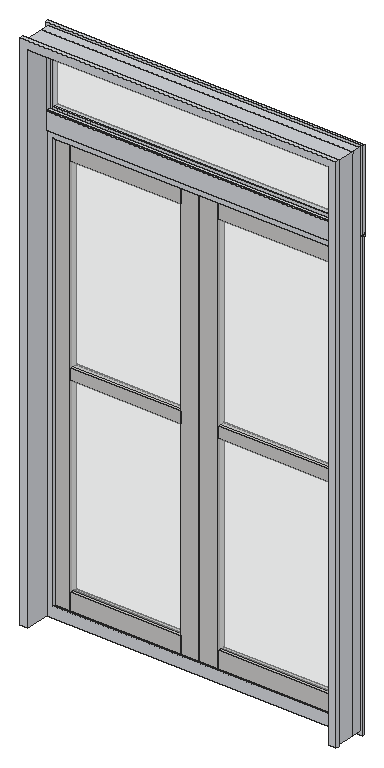
Revit family "APL Residential Thermal Heart French Door with Overlight Open Out", category Doors, host Wall, Revit 2017 (continued)
Definition of nested family "APL Residential Thermal Heart French Door with Overlight Open Out Horizontal Section"
  Definition of nested family "Open Out Jamb&Hinge"
    Definition of nested family "65310_Open Out Frame"
      Lines and regions (mm)
        model lines, in view "Ref. Level"
          curve 172: arc (1.1, 22.9, 0) -> (1.041, 23.041, 0) -> (0.9, 23.1, 0) r 0.2
          curve 173: arc (26.317, 25.5, 0) -> (26.622, 25.301, 0) -> (26.895, 25.543, 0) r 0.3
          curve 174: arc (26.895, 25.543, 0) -> (26.961, 25.681, 0) -> (27.087, 25.768, 0) r 0.3
          curve 175: arc (28.497, 26.282, 0) -> (28.783, 26.238, 0) -> (28.899, 25.974, 0) r 0.3
          curve 176: arc (28.692, 23.608, 0) -> (28.665, 23.508, 0) -> (28.605, 23.422, 0) r 0.3
          curve 177: arc (28.241, 23.059, 0) -> (28.048, 23.007, 0) -> (27.907, 23.148, 0) r 0.2
          curve 178: arc (27.862, 23.316, 0) -> (27.81, 23.405, 0) -> (27.721, 23.457, 0) r 0.2
          curve 179: arc (25.5, 24, 0) -> (25.22, 23.807, 0) -> (25.3, 23.476, 0) r 0.3
          curve 180: arc (25.3, 23.476, 0) -> (25.374, 23.375, 0) -> (25.4, 23.253, 0) r 0.3
          curve 181: arc (25.206, 19.25, 0) -> (25.242, 19.078, 0) -> (25.4, 19, 0) r 0.2
          curve 182: arc (25.921, 19, 0) -> (26.002, 19.011, 0) -> (26.077, 19.044, 0) r 0.3
          curve 183: arc (27.331, 19.809, 0) -> (27.328, 19.979, 0) -> (27.434, 20.111, 0) r 0.25
          curve 184: arc (27.52, 20.163, 0) -> (27.75, 20.179, 0) -> (27.895, 20, 0) r 0.25
          curve 185: arc (28.145, 20, 0) -> (28.286, 19.941, 0) -> (28.345, 19.8, 0) r 0.2
          curve 186: arc (28.345, 18.984, 0) -> (28.298, 18.772, 0) -> (28.165, 18.6, 0) r 0.5
          curve 187: arc (25.58, 16.446, 0) -> (25.447, 16.274, 0) -> (25.4, 16.062, 0) r 0.5
          curve 188: arc (25.4, 12.438, 0) -> (25.447, 12.226, 0) -> (25.58, 12.054, 0) r 0.5
          curve 189: arc (28.165, 9.9, 0) -> (28.298, 9.728, 0) -> (28.345, 9.516, 0) r 0.5
          curve 190: arc (28.345, 8.7, 0) -> (28.286, 8.559, 0) -> (28.145, 8.5, 0) r 0.2
          curve 191: arc (27.895, 8.5, 0) -> (27.75, 8.321, 0) -> (27.52, 8.337, 0) r 0.25
          curve 192: arc (27.434, 8.389, 0) -> (27.328, 8.521, 0) -> (27.331, 8.691, 0) r 0.25
          curve 193: arc (26.078, 9.456, 0) -> (26.002, 9.489, 0) -> (25.921, 9.5, 0) r 0.3
          curve 194: arc (25.4, 9.5, 0) -> (25.242, 9.422, 0) -> (25.206, 9.25, 0) r 0.2
          curve 195: arc (25.4, 5.247, 0) -> (25.374, 5.125, 0) -> (25.3, 5.024, 0) r 0.3
          curve 196: arc (25.3, 5.024, 0) -> (25.22, 4.693, 0) -> (25.5, 4.5, 0) r 0.3
          curve 197: arc (27.721, 5.043, 0) -> (27.81, 5.095, 0) -> (27.862, 5.184, 0) r 0.2
          curve 198: arc (27.907, 5.352, 0) -> (28.048, 5.493, 0) -> (28.241, 5.441, 0) r 0.2
          curve 199: arc (28.605, 5.078, 0) -> (28.665, 4.992, 0) -> (28.692, 4.892, 0) r 0.3
          curve 200: arc (28.899, 2.526, 0) -> (28.783, 2.262, 0) -> (28.497, 2.218, 0) r 0.3
          curve 201: arc (27.087, 2.732, 0) -> (26.961, 2.819, 0) -> (26.895, 2.957, 0) r 0.3
          curve 202: arc (26.895, 2.957, 0) -> (26.622, 3.199, 0) -> (26.317, 3, 0) r 0.3
          curve 203: arc (24, 3, 0) -> (23.704, 3.097, 0) -> (23.523, 3.35, 0) r 0.5
          curve 204: arc (23.523, 3.35, 0) -> (23.342, 3.603, 0) -> (23.046, 3.7, 0) r 0.5
          curve 205: arc (0.5, 3.7, 0) -> (0.146, 3.554, 0) -> (0, 3.2, 0) r 0.5
          curve 206: arc (0, -1.801, 0) -> (-0.107, -2.336, 0) -> (-0.41, -2.791, 0) r 1.4
          curve 207: arc (-5.407, -7.787, 0) -> (-5.624, -8.112, 0) -> (-5.7, -8.495, 0) r 1
          curve 208: arc (-5.7, -14.159, 0) -> (-5.623, -14.316, 0) -> (-5.452, -14.353, 0) r 0.2
          curve 209: arc (-5.452, -14.353, 0) -> (-4.643, -14.677, 0) -> (-4.687, -15.548, 0) r 0.75
          curve 210: arc (-4.687, -15.548, 0) -> (-5.025, -16.505, 0) -> (-4.687, -17.462, 0) r 1.525
          curve 211: arc (-4.687, -17.462, 0) -> (-4.594, -17.613, 0) -> (-4.539, -17.781, 0) r 0.75
          curve 212: arc (-4.539, -17.781, 0) -> (-4.442, -17.992, 0) -> (-4.26, -18.136, 0) r 0.5
          curve 213: arc (-4.26, -18.136, 0) -> (-3.5, -18.305, 0) -> (-2.74, -18.137, 0) r 1.8
          curve 214: arc (-2.74, -18.137, 0) -> (-2.558, -17.992, 0) -> (-2.461, -17.78, 0) r 0.5
          curve 215: arc (-2.461, -17.78, 0) -> (-2.406, -17.612, 0) -> (-2.312, -17.461, 0) r 0.737
          curve 216: arc (-2.312, -17.461, 0) -> (-1.975, -16.505, 0) -> (-2.312, -15.549, 0) r 1.525
          curve 217: arc (-2.312, -15.549, 0) -> (-2.2, -14.512, 0) -> (-1.163, -14.624, 0) r 0.737
          curve 218: arc (-1.163, -14.624, 0) -> (-0.507, -16.296, 0) -> (-0.924, -18.044, 0) r 3
          curve 219: arc (-0.924, -18.044, 0) -> (-0.93, -18.547, 0) -> (-0.495, -18.8, 0) r 0.5
          curve 220: arc (-0.2, -18.8, 0) -> (-0.059, -18.859, 0) -> (0, -19, 0) r 0.2
          curve 221: arc (0, -19.8, 0) -> (-0.059, -19.941, 0) -> (-0.2, -20, 0) r 0.2
          curve 222: arc (-6, -20, 0) -> (-6.707, -19.707, 0) -> (-7, -19, 0) r 1
          curve 223: arc (-7, -10.063, 0) -> (-7.281, -8.795, 0) -> (-8.072, -7.765, 0) r 3
          curve 224: arc (-14.428, -2.431, 0) -> (-15.219, -1.401, 0) -> (-15.5, -0.133, 0) r 3
          curve 225: arc (-15.5, 33, 0) -> (-15.207, 33.707, 0) -> (-14.5, 34, 0) r 1
          curve 226: arc (-12.1, 34, 0) -> (-11.393, 33.707, 0) -> (-11.1, 33, 0) r 1
          curve 227: arc (-11.1, 32.9, 0) -> (-11.188, 32.688, 0) -> (-11.4, 32.6, 0) r 0.3
          curve 228: arc (-12.1, 29.3, 0) -> (-11.738, 29.252, 0) -> (-11.4, 29.112, 0) r 1.4
          curve 229: arc (-5.375, 25.634, 0) -> (-5.134, 25.534, 0) -> (-4.875, 25.5, 0) r 1
          curve 230: line (0.9, 23.1, 0) -> (-4.1, 23.1, 0)
          curve 231: line (-4.3, 23.3, 0) -> (-4.3, 23.9, 0)
          curve 232: line (-4.5, 24.1, 0) -> (-4.875, 24.1, 0)
          curve 233: line (-6.075, 24.422, 0) -> (-12.054, 27.873, 0)
          curve 234: line (-12.054, 27.873, 0) -> (-13.9, 27.9, 0)
          curve 235: line (-14.1, 27.7, 0) -> (-14.1, -0.131, 0)
          curve 236: line (-13.528, -1.359, 0) -> (-7.044, -6.8, 0)
          curve 237: line (-6.369, -6.77, 0) -> (-1.693, -2.094, 0)
          curve 238: line (-1.4, -1.386, 0) -> (-1.4, 3.2, 0)
          curve 239: line (0.5, 5.1, 0) -> (23.3, 5.1, 0)
          curve 240: line (23.5, 5.3, 0) -> (23.5, 16.1, 0)
          curve 241: line (23.3, 16.3, 0) -> (18.3, 16.3, 0)
          curve 242: line (18.1, 16.5, 0) -> (18.1, 17.7, 0)
          curve 243: line (18.3, 17.9, 0) -> (23.3, 17.9, 0)
          curve 244: line (23.5, 18.1, 0) -> (23.5, 23.9, 0)
          curve 245: line (23.3, 24.1, 0) -> (16.301, 24.1, 0)
          curve 246: line (16.1, 23.9, 0) -> (16.1, 23.3, 0)
          curve 247: line (15.9, 23.1, 0) -> (11.3, 23.1, 0)
          curve 248: line (11.1, 23.3, 0) -> (11.1, 23.9, 0)
          curve 249: line (10.9, 24.1, 0) -> (2.7, 24.1, 0)
          curve 250: line (2.5, 23.9, 0) -> (2.5, 16.5, 0)
          curve 251: line (2.3, 16.3, 0) -> (1.3, 16.3, 0)
          curve 252: line (1.1, 16.5, 0) -> (1.1, 22.9, 0)
          curve 253: line (27.087, 25.768, 0) -> (28.497, 26.282, 0)
          curve 254: line (28.899, 25.974, 0) -> (28.692, 23.608, 0)
          curve 255: line (28.605, 23.422, 0) -> (28.241, 23.059, 0)
          curve 256: line (27.907, 23.148, 0) -> (27.862, 23.316, 0)
          curve 257: line (27.862, 23.316, 0) -> (25.732, 23.99, 0)
          curve 258: line (25.732, 23.99, 0) -> (25.5, 24, 0)
          curve 259: line (25.4, 23.253, 0) -> (25.4, 20.025, 0)
          curve 260: line (25.4, 20.025, 0) -> (25.206, 19.25, 0)
          curve 261: line (25.4, 19, 0) -> (25.921, 19, 0)
          curve 262: line (25.921, 19, 0) -> (27.331, 19.809, 0)
          curve 263: line (27.895, 20, 0) -> (28.145, 20, 0)
          curve 264: line (28.345, 19.8, 0) -> (28.345, 18.984, 0)
          curve 265: line (28.165, 18.6, 0) -> (25.58, 16.446, 0)
          curve 266: line (25.4, 16.062, 0) -> (25.4, 12.438, 0)
          curve 267: line (25.58, 12.054, 0) -> (28.165, 9.9, 0)
          curve 268: line (28.345, 9.516, 0) -> (28.345, 8.7, 0)
          curve 269: line (28.145, 8.5, 0) -> (27.895, 8.5, 0)
          curve 270: line (27.331, 8.691, 0) -> (26.078, 9.456, 0)
          curve 271: line (26.078, 9.456, 0) -> (25.4, 9.5, 0)
          curve 272: line (25.206, 9.25, 0) -> (25.394, 8.525, 0)
          curve 273: line (25.394, 8.525, 0) -> (25.4, 5.247, 0)
          curve 274: line (25.654, 4.5, 0) -> (27.721, 5.043, 0)
          curve 275: line (27.721, 5.043, 0) -> (27.907, 5.352, 0)
          curve 276: line (28.241, 5.441, 0) -> (28.605, 5.078, 0)
          curve 277: line (28.692, 4.892, 0) -> (28.899, 2.526, 0)
          curve 278: line (28.497, 2.218, 0) -> (27.087, 2.732, 0)
          curve 279: line (26.317, 3, 0) -> (24, 3, 0)
          curve 280: line (23.046, 3.7, 0) -> (17.783, 3.7, 0)
          curve 281: line (17.783, 3.7, 0) -> (17.559, 3.559, 0)
          curve 282: line (17.559, 3.559, 0) -> (12.4, 3.5, 0)
          curve 283: line (12.4, 3.5, 0) -> (12, 3.9, 0)
          curve 284: line (12, 3.9, 0) -> (11.6, 3.5, 0)
          curve 285: line (11.6, 3.5, 0) -> (6.583, 3.5, 0)
          curve 286: line (6.583, 3.5, 0) -> (6.359, 3.641, 0)
          curve 287: line (6.359, 3.641, 0) -> (0.5, 3.7, 0)
          curve 288: line (0, 3.2, 0) -> (0, -1.801, 0)
          curve 289: line (-0.41, -2.791, 0) -> (-5.407, -7.787, 0)
          curve 290: line (-5.7, -8.495, 0) -> (-5.7, -14.159, 0)
          curve 291: line (-0.495, -18.8, 0) -> (-0.2, -18.8, 0)
          curve 292: line (0, -19, 0) -> (0, -19.8, 0)
          curve 293: line (-0.2, -20, 0) -> (-6, -20, 0)
          curve 294: line (-7, -19, 0) -> (-7, -10.063, 0)
          curve 295: line (-8.072, -7.765, 0) -> (-14.428, -2.431, 0)
          curve 296: line (-15.5, -0.133, 0) -> (-15.5, 33, 0)
          curve 297: line (-14.5, 34, 0) -> (-12.1, 34, 0)
          curve 298: line (-11.4, 32.6, 0) -> (-14.1, 32.6, 0)
          curve 299: line (-14.1, 32.6, 0) -> (-14.1, 29.3, 0)
          curve 300: line (-14.1, 29.3, 0) -> (-12.1, 29.3, 0)
          curve 301: line (-11.4, 29.112, 0) -> (-5.375, 25.634, 0)
          curve 302: line (-4.875, 25.5, 0) -> (-2, 25.5, 0)
          curve 303: line (-2, 25.5, 0) -> (-1.6, 25.1, 0)
          curve 304: line (-1.6, 25.1, 0) -> (-1.2, 25.5, 0)
          curve 305: line (-1.2, 25.5, 0) -> (4.1, 25.5, 0)
          curve 306: line (4.1, 25.5, 0) -> (4.5, 25.1, 0)
          curve 307: line (4.5, 25.1, 0) -> (4.9, 25.5, 0)
          curve 308: line (4.9, 25.5, 0) -> (26.317, 25.5, 0)
          curve 309: arc (25.4, 19.939, 0) -> (25.517, 19.656, 0) -> (25.8, 19.539, 0) r 0.4
          curve 310: arc (26.093, 19.539, 0) -> (26.196, 19.553, 0) -> (26.293, 19.593, 0) r 0.4
          curve 311: arc (27.821, 20.478, 0) -> (28.111, 20.598, 0) -> (28.422, 20.639, 0) r 1.2
          curve 312: arc (29.345, 20.639, 0) -> (29.918, 20.82, 0) -> (30.284, 21.297, 0) r 1
          curve 313: arc (31.077, 23.476, 0) -> (31.224, 23.667, 0) -> (31.453, 23.739, 0) r 0.4
          curve 314: arc (37.947, 23.739, 0) -> (38.176, 23.667, 0) -> (38.323, 23.476, 0) r 0.4
          curve 315: arc (39.116, 21.297, 0) -> (39.482, 20.82, 0) -> (40.055, 20.639, 0) r 1
          curve 316: arc (40.978, 20.639, 0) -> (41.289, 20.598, 0) -> (41.579, 20.478, 0) r 1.2
          curve 317: arc (43.107, 19.593, 0) -> (43.204, 19.553, 0) -> (43.307, 19.539, 0) r 0.4
          curve 318: arc (43.6, 19.539, 0) -> (43.883, 19.656, 0) -> (44, 19.939, 0) r 0.4
          curve 319: arc (44, 23.339, 0) -> (43.883, 23.622, 0) -> (43.6, 23.739, 0) r 0.4
          curve 320: arc (43.307, 23.739, 0) -> (43.204, 23.725, 0) -> (43.107, 23.685, 0) r 0.4
          curve 321: arc (41.579, 22.801, 0) -> (41.285, 22.679, 0) -> (40.97, 22.639, 0) r 1.2
          curve 322: arc (40.97, 22.639, 0) -> (40.795, 22.692, 0) -> (40.684, 22.836, 0) r 0.3
          curve 323: arc (39.796, 25.276, 0) -> (39.649, 25.467, 0) -> (39.42, 25.539, 0) r 0.4
          curve 324: arc (29.98, 25.539, 0) -> (29.751, 25.467, 0) -> (29.604, 25.276, 0) r 0.4
          curve 325: arc (28.716, 22.836, 0) -> (28.605, 22.692, 0) -> (28.43, 22.639, 0) r 0.3
          curve 326: arc (28.43, 22.639, 0) -> (28.115, 22.679, 0) -> (27.821, 22.801, 0) r 1.2
          curve 327: arc (26.293, 23.685, 0) -> (26.196, 23.725, 0) -> (26.093, 23.739, 0) r 0.4
          curve 328: arc (25.8, 23.739, 0) -> (25.517, 23.622, 0) -> (25.4, 23.339, 0) r 0.4
          curve 329: line (25.8, 19.539, 0) -> (26.093, 19.539, 0)
          curve 330: line (26.293, 19.593, 0) -> (27.821, 20.478, 0)
          curve 331: line (28.422, 20.639, 0) -> (29.345, 20.639, 0)
          curve 332: line (30.284, 21.297, 0) -> (31.077, 23.476, 0)
          curve 333: line (31.453, 23.739, 0) -> (37.947, 23.739, 0)
          curve 334: line (38.323, 23.476, 0) -> (39.116, 21.297, 0)
          curve 335: line (40.055, 20.639, 0) -> (40.978, 20.639, 0)
          curve 336: line (41.579, 20.478, 0) -> (43.107, 19.593, 0)
          curve 337: line (43.307, 19.539, 0) -> (43.6, 19.539, 0)
          curve 338: line (44, 19.939, 0) -> (44, 23.339, 0)
          curve 339: line (43.6, 23.739, 0) -> (43.307, 23.739, 0)
          curve 340: line (43.107, 23.685, 0) -> (41.579, 22.801, 0)
          curve 341: line (40.684, 22.836, 0) -> (39.796, 25.276, 0)
          curve 342: line (39.42, 25.539, 0) -> (29.98, 25.539, 0)
          curve 343: line (29.604, 25.276, 0) -> (28.716, 22.836, 0)
          curve 344: line (27.821, 22.801, 0) -> (26.293, 23.685, 0)
          curve 345: line (26.093, 23.739, 0) -> (25.8, 23.739, 0)
          curve 346: line (25.4, 23.339, 0) -> (25.4, 19.939, 0)
      Text (mm)
        text "65310" at (6.108, 51.612, 0), in view "Ref. Level"
    Definition of nested family "65210_Lock Stile"
      Reference planes
        plane 1 "Center (Front/Back)": y = 0
        plane 2: z = 0
        plane 3 "Center (Left/Right)": x = 0
      Lines and regions (mm)
        model lines, in view "Ref. Level"
          curve 1: arc (27.4, 64.45, 0) -> (27.272, 64.668, 0) -> (27.019, 64.663, 0) r 0.25
          curve 2: arc (26.934, 64.611, 0) -> (26.828, 64.479, 0) -> (26.831, 64.309, 0) r 0.25
          curve 3: arc (25.577, 63.544, 0) -> (25.502, 63.511, 0) -> (25.421, 63.5, 0) r 0.3
          curve 4: arc (24.9, 63.5, 0) -> (24.742, 63.578, 0) -> (24.706, 63.75, 0) r 0.2
          curve 5: arc (24.9, 67.753, 0) -> (24.874, 67.875, 0) -> (24.8, 67.976, 0) r 0.3
          curve 6: arc (24.8, 67.976, 0) -> (24.72, 68.307, 0) -> (25, 68.5, 0) r 0.3
          curve 7: arc (27.221, 67.957, 0) -> (27.31, 67.905, 0) -> (27.362, 67.816, 0) r 0.2
          curve 8: arc (27.407, 67.648, 0) -> (27.548, 67.507, 0) -> (27.741, 67.559, 0) r 0.2
          curve 9: arc (28.105, 67.922, 0) -> (28.165, 68.008, 0) -> (28.192, 68.108, 0) r 0.3
          curve 10: arc (28.399, 70.474, 0) -> (28.283, 70.738, 0) -> (27.997, 70.782, 0) r 0.3
          curve 11: arc (26.587, 70.268, 0) -> (26.461, 70.181, 0) -> (26.395, 70.043, 0) r 0.3
          curve 12: arc (26.395, 70.043, 0) -> (26.122, 69.801, 0) -> (25.817, 70, 0) r 0.3
          curve 13: arc (24.003, 70, 0) -> (23.295, 69.707, 0) -> (23.003, 69, 0) r 1
          curve 14: arc (23.003, 63.28, 0) -> (22.944, 63.139, 0) -> (22.803, 63.08, 0) r 0.2
          curve 15: arc (17.703, 63.08, 0) -> (17.561, 63.139, 0) -> (17.503, 63.28, 0) r 0.2
          curve 16: arc (17.503, 69, 0) -> (17.21, 69.707, 0) -> (16.503, 70, 0) r 1
          curve 17: arc (9.5, 70, 0) -> (9.359, 69.941, 0) -> (9.3, 69.8, 0) r 0.2
          curve 18: arc (9.3, 69.5, 0) -> (9.38, 69.2, 0) -> (9.6, 68.98, 0) r 0.6
          curve 19: arc (10.7, 68.345, 0) -> (10.773, 68.272, 0) -> (10.8, 68.172, 0) r 0.2
          curve 20: arc (10.8, 64.08, 0) -> (10.507, 63.373, 0) -> (9.8, 63.08, 0) r 1
          curve 21: arc (2.42, 63.08, 0) -> (1.721, 63.366, 0) -> (1.421, 64.06, 0) r 1
          curve 22: arc (1.322, 68.935, 0) -> (1.357, 69.052, 0) -> (1.453, 69.127, 0) r 0.2
          curve 23: arc (1.453, 69.127, 0) -> (1.621, 69.234, 0) -> (1.725, 69.403, 0) r 0.45
          curve 24: arc (1.725, 69.403, 0) -> (1.729, 69.522, 0) -> (1.665, 69.621, 0) r 0.2
          curve 25: arc (0.2, 70, 0) -> (0.059, 69.941, 0) -> (0, 69.8, 0) r 0.2
          curve 26: arc (0, 0.501, 0) -> (0.146, 0.147, 0) -> (0.5, 0, 0) r 0.5
          curve 27: arc (1, 0, 0) -> (1.354, 0.146, 0) -> (1.5, 0.5, 0) r 0.5
          curve 28: arc (1.5, 2.8, 0) -> (1.559, 2.941, 0) -> (1.7, 3, 0) r 0.2
          curve 29: arc (31.817, 3, 0) -> (32.122, 3.199, 0) -> (32.395, 2.957, 0) r 0.3
          curve 30: arc (32.395, 2.957, 0) -> (32.461, 2.819, 0) -> (32.587, 2.732, 0) r 0.3
          curve 31: arc (33.997, 2.218, 0) -> (34.283, 2.262, 0) -> (34.399, 2.526, 0) r 0.3
          curve 32: arc (34.192, 4.892, 0) -> (34.165, 4.992, 0) -> (34.105, 5.078, 0) r 0.3
          curve 33: arc (33.741, 5.441, 0) -> (33.548, 5.493, 0) -> (33.407, 5.352, 0) r 0.2
          curve 34: arc (33.362, 5.184, 0) -> (33.31, 5.095, 0) -> (33.221, 5.043, 0) r 0.2
          curve 35: arc (31, 4.5, 0) -> (30.72, 4.693, 0) -> (30.8, 5.024, 0) r 0.3
          curve 36: arc (30.8, 5.024, 0) -> (30.874, 5.125, 0) -> (30.9, 5.247, 0) r 0.3
          curve 37: arc (30.706, 9.25, 0) -> (30.742, 9.422, 0) -> (30.9, 9.5, 0) r 0.2
          curve 38: arc (31.421, 9.5, 0) -> (31.502, 9.489, 0) -> (31.577, 9.456, 0) r 0.3
          curve 39: arc (32.831, 8.691, 0) -> (32.828, 8.521, 0) -> (32.934, 8.389, 0) r 0.25
          curve 40: arc (33.02, 8.337, 0) -> (33.272, 8.332, 0) -> (33.4, 8.55, 0) r 0.25
          curve 41: arc (33.4, 11.2, 0) -> (33.341, 11.341, 0) -> (33.2, 11.4, 0) r 0.2
          curve 42: arc (30, 11.4, 0) -> (29.293, 11.107, 0) -> (29, 10.4, 0) r 1
          curve 43: arc (2.1, 4.6, 0) -> (1.746, 4.746, 0) -> (1.6, 5.1, 0) r 0.5
          curve 44: arc (1.6, 60.98, 0) -> (1.746, 61.334, 0) -> (2.1, 61.48, 0) r 0.5
          curve 45: arc (9.8, 61.48, 0) -> (11.638, 62.242, 0) -> (12.4, 64.08, 0) r 2.6
          curve 46: arc (12.4, 68.2, 0) -> (12.459, 68.341, 0) -> (12.6, 68.4, 0) r 0.2
          curve 47: arc (15.703, 68.4, 0) -> (15.844, 68.341, 0) -> (15.903, 68.2, 0) r 0.2
          curve 48: arc (15.903, 62, 0) -> (16.049, 61.646, 0) -> (16.403, 61.5, 0) r 0.5
          curve 49: arc (27.2, 61.5, 0) -> (27.341, 61.559, 0) -> (27.4, 61.7, 0) r 0.2
          curve 50: line (26.831, 64.309, 0) -> (25.577, 63.544, 0)
          curve 51: line (25.577, 63.544, 0) -> (24.9, 63.5, 0)
          curve 52: line (24.706, 63.75, 0) -> (24.894, 64.475, 0)
          curve 53: line (24.894, 64.475, 0) -> (24.9, 67.753, 0)
          curve 54: line (25.154, 68.5, 0) -> (27.221, 67.957, 0)
          curve 55: line (27.221, 67.957, 0) -> (27.407, 67.648, 0)
          curve 56: line (27.741, 67.559, 0) -> (28.105, 67.922, 0)
          curve 57: line (28.192, 68.108, 0) -> (28.399, 70.474, 0)
          curve 58: line (27.997, 70.782, 0) -> (26.587, 70.268, 0)
          curve 59: line (25.817, 70, 0) -> (24.003, 70, 0)
          curve 60: line (23.003, 69, 0) -> (23.003, 63.28, 0)
          curve 61: line (22.803, 63.08, 0) -> (17.703, 63.08, 0)
          curve 62: line (17.503, 63.28, 0) -> (17.503, 69, 0)
          curve 63: line (16.503, 70, 0) -> (9.5, 70, 0)
          curve 64: line (9.3, 69.8, 0) -> (9.3, 69.5, 0)
          curve 65: line (9.6, 68.98, 0) -> (10.7, 68.345, 0)
          curve 66: line (10.8, 68.172, 0) -> (10.8, 64.08, 0)
          curve 67: line (9.8, 63.08, 0) -> (2.42, 63.08, 0)
          curve 68: line (1.421, 64.06, 0) -> (1.322, 68.935, 0)
          curve 69: line (1.665, 69.621, 0) -> (1.269, 69.953, 0)
          curve 70: line (1.269, 69.953, 0) -> (0.2, 70, 0)
          curve 71: line (0, 69.8, 0) -> (0, 0.501, 0)
          curve 72: line (0.5, 0, 0) -> (1, 0, 0)
          curve 73: line (1.5, 0.5, 0) -> (1.5, 2.8, 0)
          curve 74: line (1.7, 3, 0) -> (17.6, 3, 0)
          curve 75: line (17.6, 3, 0) -> (18, 3.4, 0)
          curve 76: line (18, 3.4, 0) -> (18.4, 3, 0)
          curve 77: line (18.4, 3, 0) -> (19.6, 3, 0)
          curve 78: line (19.6, 3, 0) -> (20, 3.4, 0)
          curve 79: line (20, 3.4, 0) -> (20.4, 3, 0)
          curve 80: line (20.4, 3, 0) -> (31.817, 3, 0)
          curve 81: line (32.587, 2.732, 0) -> (33.997, 2.218, 0)
          curve 82: line (34.399, 2.526, 0) -> (34.192, 4.892, 0)
          curve 83: line (34.105, 5.078, 0) -> (33.741, 5.441, 0)
          curve 84: line (33.407, 5.352, 0) -> (33.362, 5.184, 0)
          curve 85: line (33.362, 5.184, 0) -> (31.232, 4.51, 0)
          curve 86: line (31.232, 4.51, 0) -> (31, 4.5, 0)
          curve 87: line (30.9, 5.247, 0) -> (30.9, 8.475, 0)
          curve 88: line (30.9, 8.475, 0) -> (30.706, 9.25, 0)
          curve 89: line (30.9, 9.5, 0) -> (31.421, 9.5, 0)
          curve 90: line (31.421, 9.5, 0) -> (32.831, 8.691, 0)
          curve 91: line (33.4, 8.55, 0) -> (33.4, 11.2, 0)
          curve 92: line (33.2, 11.4, 0) -> (30, 11.4, 0)
          curve 93: line (29, 10.4, 0) -> (29, 5.8, 0)
          curve 94: line (29, 5.8, 0) -> (23.5, 5.8, 0)
          curve 95: line (23.5, 5.8, 0) -> (22.3, 4.6, 0)
          curve 96: line (22.3, 4.6, 0) -> (15.7, 4.6, 0)
          curve 97: line (15.7, 4.6, 0) -> (14.5, 5.8, 0)
          curve 98: line (14.5, 5.8, 0) -> (9.5, 5.8, 0)
          curve 99: line (9.5, 5.8, 0) -> (8.3, 4.6, 0)
          curve 100: line (8.3, 4.6, 0) -> (2.1, 4.6, 0)
          curve 101: line (1.6, 5.1, 0) -> (1.6, 60.98, 0)
          curve 102: line (2.1, 61.48, 0) -> (9.8, 61.48, 0)
          curve 103: line (12.4, 64.08, 0) -> (12.4, 68.2, 0)
          curve 104: line (12.6, 68.4, 0) -> (15.703, 68.4, 0)
          curve 105: line (15.903, 68.2, 0) -> (15.903, 62, 0)
          curve 106: line (16.403, 61.5, 0) -> (19.603, 61.5, 0)
          curve 107: line (19.603, 61.5, 0) -> (20.003, 61.9, 0)
          curve 108: line (20.003, 61.9, 0) -> (20.403, 61.5, 0)
          curve 109: line (20.403, 61.5, 0) -> (27.2, 61.5, 0)
          curve 110: line (27.4, 61.7, 0) -> (27.4, 64.45, 0)
          curve 111: line (27.4, 64.45, 0) -> (27.4, 63.6, 0)
          curve 112: arc (41, 62.874, 0) -> (41.128, 62.385, 0) -> (41.479, 62.021, 0) r 1
          curve 113: arc (42.049, 61.673, 0) -> (42.174, 61.619, 0) -> (42.309, 61.6, 0) r 0.5
          curve 114: arc (44.9, 61.6, 0) -> (45.254, 61.746, 0) -> (45.4, 62.1, 0) r 0.5
          curve 115: arc (45.4, 68.091, 0) -> (45.455, 68.318, 0) -> (45.608, 68.496, 0) r 0.5
          curve 116: arc (45.608, 68.496, 0) -> (45.836, 68.687, 0) -> (46.035, 68.908, 0) r 2.1
          curve 117: arc (46.035, 68.908, 0) -> (46.21, 69.049, 0) -> (46.429, 69.1, 0) r 0.5
          curve 118: arc (49.6, 69.1, 0) -> (49.954, 68.954, 0) -> (50.1, 68.6, 0) r 0.5
          curve 119: arc (50.1, 15.4, 0) -> (49.954, 15.046, 0) -> (49.6, 14.9, 0) r 0.5
          curve 120: arc (45.3, 14.9, 0) -> (45.159, 14.841, 0) -> (45.1, 14.7, 0) r 0.2
          curve 121: arc (45.1, 13.1, 0) -> (45.159, 12.959, 0) -> (45.3, 12.9, 0) r 0.2
          curve 122: arc (49.9, 12.9, 0) -> (50.041, 12.841, 0) -> (50.1, 12.7, 0) r 0.2
          curve 123: arc (50.1, 11.7, 0) -> (50.041, 11.559, 0) -> (49.9, 11.5, 0) r 0.2
          curve 124: arc (48.473, 11.5, 0) -> (48.338, 11.481, 0) -> (48.212, 11.427, 0) r 0.5
          curve 125: arc (47.479, 10.979, 0) -> (47.128, 10.615, 0) -> (47, 10.126, 0) r 1
          curve 126: arc (47, 8.55, 0) -> (47.128, 8.332, 0) -> (47.38, 8.337, 0) r 0.25
          curve 127: arc (47.466, 8.389, 0) -> (47.572, 8.521, 0) -> (47.569, 8.691, 0) r 0.25
          curve 128: arc (48.823, 9.456, 0) -> (48.898, 9.489, 0) -> (48.979, 9.5, 0) r 0.3
          curve 129: arc (49.5, 9.5, 0) -> (49.658, 9.422, 0) -> (49.694, 9.25, 0) r 0.2
          curve 130: arc (49.5, 5.247, 0) -> (49.526, 5.125, 0) -> (49.6, 5.024, 0) r 0.3
          curve 131: arc (49.6, 5.024, 0) -> (49.68, 4.693, 0) -> (49.4, 4.5, 0) r 0.3
          curve 132: arc (47.179, 5.043, 0) -> (47.09, 5.095, 0) -> (47.038, 5.184, 0) r 0.2
          curve 133: arc (46.993, 5.352, 0) -> (46.852, 5.493, 0) -> (46.659, 5.441, 0) r 0.2
          curve 134: arc (46.295, 5.078, 0) -> (46.235, 4.992, 0) -> (46.208, 4.892, 0) r 0.3
          curve 135: arc (46.001, 2.526, 0) -> (46.117, 2.262, 0) -> (46.403, 2.218, 0) r 0.3
          curve 136: arc (47.813, 2.732, 0) -> (47.939, 2.819, 0) -> (48.005, 2.957, 0) r 0.3
          curve 137: arc (48.005, 2.957, 0) -> (48.278, 3.199, 0) -> (48.583, 3, 0) r 0.3
          curve 138: arc (50.5, 0.5, 0) -> (50.646, 0.146, 0) -> (51, 0, 0) r 0.5
          curve 139: arc (51.5, 0, 0) -> (51.854, 0.146, 0) -> (52, 0.5, 0) r 0.5
          curve 140: arc (52, 89.2, 0) -> (51.8, 89.4, 0) -> (51.6, 89.2, 0) r 0.2
          curve 141: arc (43, 89, 0) -> (42.646, 88.854, 0) -> (42.5, 88.5, 0) r 0.5
          curve 142: arc (42.5, 87.25, 0) -> (43, 86.75, 0) -> (43.5, 87.25, 0) r 0.5
          curve 143: arc (43.5, 87.8, 0) -> (43.559, 87.941, 0) -> (43.7, 88, 0) r 0.2
          curve 144: arc (44.8, 88, 0) -> (44.941, 87.941, 0) -> (45, 87.8, 0) r 0.2
          curve 145: arc (45, 82.7, 0) -> (44.941, 82.559, 0) -> (44.8, 82.5, 0) r 0.2
          curve 146: arc (43.7, 82.5, 0) -> (43.559, 82.559, 0) -> (43.5, 82.7, 0) r 0.2
          curve 147: arc (43.5, 83.25, 0) -> (43, 83.75, 0) -> (42.5, 83.25, 0) r 0.5
          curve 148: arc (42.5, 81.7, 0) -> (42.559, 81.559, 0) -> (42.7, 81.5, 0) r 0.2
          curve 149: arc (46, 81.5, 0) -> (46.354, 81.646, 0) -> (46.5, 82, 0) r 0.5
          curve 150: arc (46.5, 87, 0) -> (46.646, 87.354, 0) -> (47, 87.5, 0) r 0.5
          curve 151: arc (49.6, 87.5, 0) -> (49.954, 87.354, 0) -> (50.1, 87, 0) r 0.5
          curve 152: arc (50.1, 71.5, 0) -> (49.954, 71.146, 0) -> (49.6, 71, 0) r 0.5
          curve 153: arc (44.78, 71, 0) -> (44.639, 70.941, 0) -> (44.58, 70.8, 0) r 0.2
          curve 154: arc (44.58, 70.2, 0) -> (44.521, 70.059, 0) -> (44.38, 70, 0) r 0.2
          curve 155: arc (42.583, 70, 0) -> (42.278, 69.801, 0) -> (42.005, 70.043, 0) r 0.3
          curve 156: arc (42.005, 70.043, 0) -> (41.939, 70.181, 0) -> (41.813, 70.268, 0) r 0.3
          curve 157: arc (40.403, 70.782, 0) -> (40.117, 70.738, 0) -> (40.001, 70.474, 0) r 0.3
          curve 158: arc (40.208, 68.108, 0) -> (40.235, 68.008, 0) -> (40.295, 67.922, 0) r 0.3
          curve 159: arc (40.659, 67.559, 0) -> (40.852, 67.507, 0) -> (40.993, 67.648, 0) r 0.2
          curve 160: arc (41.038, 67.816, 0) -> (41.09, 67.905, 0) -> (41.179, 67.957, 0) r 0.2
          curve 161: arc (43.4, 68.5, 0) -> (43.68, 68.307, 0) -> (43.6, 67.976, 0) r 0.3
          curve 162: arc (43.6, 67.976, 0) -> (43.526, 67.875, 0) -> (43.5, 67.753, 0) r 0.3
          curve 163: arc (43.694, 63.75, 0) -> (43.658, 63.578, 0) -> (43.5, 63.5, 0) r 0.2
          curve 164: arc (42.979, 63.5, 0) -> (42.898, 63.511, 0) -> (42.823, 63.544, 0) r 0.3
          curve 165: arc (41.569, 64.309, 0) -> (41.572, 64.479, 0) -> (41.466, 64.611, 0) r 0.25
          curve 166: line (41, 64.45, 0) -> (41, 62.874, 0)
          curve 167: line (41.479, 62.021, 0) -> (42.049, 61.673, 0)
          curve 168: line (42.309, 61.6, 0) -> (44.9, 61.6, 0)
          curve 169: line (45.4, 62.1, 0) -> (45.4, 68.091, 0)
          curve 170: line (46.429, 69.1, 0) -> (49.6, 69.1, 0)
          curve 171: line (50.1, 68.6, 0) -> (50.1, 15.4, 0)
          curve 172: line (49.6, 14.9, 0) -> (45.3, 14.9, 0)
          curve 173: line (45.1, 14.7, 0) -> (45.1, 13.1, 0)
          curve 174: line (45.3, 12.9, 0) -> (49.9, 12.9, 0)
          curve 175: line (50.1, 12.7, 0) -> (50.1, 11.7, 0)
          curve 176: line (49.9, 11.5, 0) -> (48.473, 11.5, 0)
          curve 177: line (48.212, 11.427, 0) -> (47.479, 10.979, 0)
          curve 178: line (47, 10.126, 0) -> (47, 8.55, 0)
          curve 179: line (47.569, 8.691, 0) -> (48.823, 9.456, 0)
          curve 180: line (48.823, 9.456, 0) -> (49.5, 9.5, 0)
          curve 181: line (49.694, 9.25, 0) -> (49.506, 8.525, 0)
          curve 182: line (49.506, 8.525, 0) -> (49.5, 5.247, 0)
          curve 183: line (49.246, 4.5, 0) -> (47.179, 5.043, 0)
          curve 184: line (47.179, 5.043, 0) -> (46.993, 5.352, 0)
          curve 185: line (46.659, 5.441, 0) -> (46.295, 5.078, 0)
          curve 186: line (46.208, 4.892, 0) -> (46.001, 2.526, 0)
          curve 187: line (46.403, 2.218, 0) -> (47.813, 2.732, 0)
          curve 188: line (48.583, 3, 0) -> (50.5, 3, 0)
          curve 189: line (50.5, 3, 0) -> (50.5, 0.5, 0)
          curve 190: line (51, 0, 0) -> (51.5, 0, 0)
          curve 191: line (52, 0.5, 0) -> (52, 89.2, 0)
          curve 192: line (51.6, 89.2, 0) -> (51.6, 89, 0)
          curve 193: line (51.6, 89, 0) -> (43, 89, 0)
          curve 194: line (42.5, 88.5, 0) -> (42.5, 87.25, 0)
          curve 195: line (43.5, 87.25, 0) -> (43.5, 87.8, 0)
          curve 196: line (43.7, 88, 0) -> (44.8, 88, 0)
          curve 197: line (45, 87.8, 0) -> (45, 82.7, 0)
          curve 198: line (44.8, 82.5, 0) -> (43.7, 82.5, 0)
          curve 199: line (43.5, 82.7, 0) -> (43.5, 83.25, 0)
          curve 200: line (42.5, 83.25, 0) -> (42.5, 81.7, 0)
          curve 201: line (42.7, 81.5, 0) -> (46, 81.5, 0)
          curve 202: line (46.5, 82, 0) -> (46.5, 87, 0)
          curve 203: line (47, 87.5, 0) -> (49.6, 87.5, 0)
          curve 204: line (50.1, 87, 0) -> (50.1, 71.5, 0)
          curve 205: line (49.6, 71, 0) -> (44.78, 71, 0)
          curve 206: line (44.58, 70.8, 0) -> (44.58, 70.2, 0)
          curve 207: line (44.38, 70, 0) -> (42.583, 70, 0)
          curve 208: line (41.813, 70.268, 0) -> (40.403, 70.782, 0)
          curve 209: line (40.001, 70.474, 0) -> (40.208, 68.108, 0)
          curve 210: line (40.295, 67.922, 0) -> (40.659, 67.559, 0)
          curve 211: line (40.993, 67.648, 0) -> (41.038, 67.816, 0)
          curve 212: line (41.038, 67.816, 0) -> (43.168, 68.49, 0)
          curve 213: line (43.168, 68.49, 0) -> (43.4, 68.5, 0)
          curve 214: line (43.5, 67.753, 0) -> (43.5, 64.525, 0)
          curve 215: line (43.5, 64.525, 0) -> (43.694, 63.75, 0)
          curve 216: line (43.5, 63.5, 0) -> (42.979, 63.5, 0)
          curve 217: line (42.979, 63.5, 0) -> (41.569, 64.309, 0)
          curve 218: arc (41.38, 64.663, 0) -> (41.128, 64.668, 0) -> (41, 64.45, 0) r 0.25
          curve 219: arc (30.9, 8.561, 0) -> (31.017, 8.844, 0) -> (31.3, 8.961, 0) r 0.4
          curve 220: arc (31.593, 8.961, 0) -> (31.696, 8.947, 0) -> (31.793, 8.907, 0) r 0.4
          curve 221: arc (33.321, 8.022, 0) -> (33.611, 7.902, 0) -> (33.922, 7.861, 0) r 1.2
          curve 222: arc (34.845, 7.861, 0) -> (35.418, 7.68, 0) -> (35.784, 7.203, 0) r 1
          curve 223: arc (36.577, 5.024, 0) -> (36.724, 4.833, 0) -> (36.953, 4.761, 0) r 0.4
          curve 224: arc (43.447, 4.761, 0) -> (43.676, 4.833, 0) -> (43.823, 5.024, 0) r 0.4
          curve 225: arc (44.616, 7.203, 0) -> (44.982, 7.68, 0) -> (45.555, 7.861, 0) r 1
          curve 226: arc (46.478, 7.861, 0) -> (46.789, 7.902, 0) -> (47.079, 8.022, 0) r 1.2
          curve 227: arc (48.607, 8.907, 0) -> (48.704, 8.947, 0) -> (48.807, 8.961, 0) r 0.4
          curve 228: arc (49.1, 8.961, 0) -> (49.383, 8.844, 0) -> (49.5, 8.561, 0) r 0.4
          curve 229: arc (49.5, 5.161, 0) -> (49.383, 4.878, 0) -> (49.1, 4.761, 0) r 0.4
          curve 230: arc (48.807, 4.761, 0) -> (48.704, 4.775, 0) -> (48.607, 4.815, 0) r 0.4
          curve 231: arc (47.079, 5.699, 0) -> (46.785, 5.821, 0) -> (46.47, 5.861, 0) r 1.2
          curve 232: arc (46.47, 5.861, 0) -> (46.295, 5.808, 0) -> (46.184, 5.664, 0) r 0.3
          curve 233: arc (45.296, 3.224, 0) -> (45.149, 3.033, 0) -> (44.92, 2.961, 0) r 0.4
          curve 234: arc (35.48, 2.961, 0) -> (35.251, 3.033, 0) -> (35.104, 3.224, 0) r 0.4
          curve 235: arc (34.216, 5.664, 0) -> (34.105, 5.808, 0) -> (33.93, 5.861, 0) r 0.3
          curve 236: arc (33.93, 5.861, 0) -> (33.615, 5.821, 0) -> (33.321, 5.699, 0) r 1.2
          curve 237: arc (31.793, 4.815, 0) -> (31.696, 4.775, 0) -> (31.593, 4.761, 0) r 0.4
          curve 238: arc (31.3, 4.761, 0) -> (31.017, 4.878, 0) -> (30.9, 5.161, 0) r 0.4
          curve 239: line (31.3, 8.961, 0) -> (31.593, 8.961, 0)
          curve 240: line (31.793, 8.907, 0) -> (33.321, 8.022, 0)
          curve 241: line (33.922, 7.861, 0) -> (34.845, 7.861, 0)
          curve 242: line (35.784, 7.203, 0) -> (36.577, 5.024, 0)
          curve 243: line (36.953, 4.761, 0) -> (43.447, 4.761, 0)
          curve 244: line (43.823, 5.024, 0) -> (44.616, 7.203, 0)
          curve 245: line (45.555, 7.861, 0) -> (46.478, 7.861, 0)
          curve 246: line (47.079, 8.022, 0) -> (48.607, 8.907, 0)
          curve 247: line (48.807, 8.961, 0) -> (49.1, 8.961, 0)
          curve 248: line (49.5, 8.561, 0) -> (49.5, 5.161, 0)
          curve 249: line (49.1, 4.761, 0) -> (48.807, 4.761, 0)
          curve 250: line (48.607, 4.815, 0) -> (47.079, 5.699, 0)
          curve 251: line (46.184, 5.664, 0) -> (45.296, 3.224, 0)
          curve 252: line (44.92, 2.961, 0) -> (35.48, 2.961, 0)
          curve 253: line (35.104, 3.224, 0) -> (34.216, 5.664, 0)
          curve 254: line (33.321, 5.699, 0) -> (31.793, 4.815, 0)
          curve 255: line (31.593, 4.761, 0) -> (31.3, 4.761, 0)
          curve 256: line (30.9, 5.161, 0) -> (30.9, 8.561, 0)
          curve 257: arc (24.9, 64.439, 0) -> (25.017, 64.156, 0) -> (25.3, 64.039, 0) r 0.4
          curve 258: arc (25.593, 64.039, 0) -> (25.696, 64.053, 0) -> (25.793, 64.093, 0) r 0.4
          curve 259: arc (27.321, 64.978, 0) -> (27.611, 65.098, 0) -> (27.922, 65.139, 0) r 1.2
          curve 260: arc (28.845, 65.139, 0) -> (29.418, 65.32, 0) -> (29.784, 65.797, 0) r 1
          curve 261: arc (30.577, 67.976, 0) -> (30.724, 68.167, 0) -> (30.953, 68.239, 0) r 0.4
          curve 262: arc (37.447, 68.239, 0) -> (37.676, 68.167, 0) -> (37.823, 67.976, 0) r 0.4
          curve 263: arc (38.616, 65.797, 0) -> (38.982, 65.32, 0) -> (39.555, 65.139, 0) r 1
          curve 264: arc (40.478, 65.139, 0) -> (40.789, 65.098, 0) -> (41.079, 64.978, 0) r 1.2
          curve 265: arc (42.607, 64.093, 0) -> (42.704, 64.053, 0) -> (42.807, 64.039, 0) r 0.4
          curve 266: arc (43.1, 64.039, 0) -> (43.383, 64.156, 0) -> (43.5, 64.439, 0) r 0.4
          curve 267: arc (43.5, 67.839, 0) -> (43.383, 68.122, 0) -> (43.1, 68.239, 0) r 0.4
          curve 268: arc (42.807, 68.239, 0) -> (42.704, 68.225, 0) -> (42.607, 68.185, 0) r 0.4
          curve 269: arc (41.079, 67.301, 0) -> (40.785, 67.179, 0) -> (40.47, 67.139, 0) r 1.2
          curve 270: arc (40.47, 67.139, 0) -> (40.295, 67.192, 0) -> (40.184, 67.336, 0) r 0.3
          curve 271: arc (39.296, 69.776, 0) -> (39.149, 69.967, 0) -> (38.92, 70.039, 0) r 0.4
          curve 272: arc (29.48, 70.039, 0) -> (29.251, 69.967, 0) -> (29.104, 69.776, 0) r 0.4
          curve 273: arc (28.216, 67.336, 0) -> (28.105, 67.192, 0) -> (27.93, 67.139, 0) r 0.3
          curve 274: arc (27.93, 67.139, 0) -> (27.615, 67.179, 0) -> (27.321, 67.301, 0) r 1.2
          curve 275: arc (25.793, 68.185, 0) -> (25.696, 68.225, 0) -> (25.593, 68.239, 0) r 0.4
          curve 276: arc (25.3, 68.239, 0) -> (25.017, 68.122, 0) -> (24.9, 67.839, 0) r 0.4
          curve 277: line (25.3, 64.039, 0) -> (25.593, 64.039, 0)
          curve 278: line (25.793, 64.093, 0) -> (27.321, 64.978, 0)
          curve 279: line (27.922, 65.139, 0) -> (28.845, 65.139, 0)
          curve 280: line (29.784, 65.797, 0) -> (30.577, 67.976, 0)
          curve 281: line (30.953, 68.239, 0) -> (37.447, 68.239, 0)
          curve 282: line (37.823, 67.976, 0) -> (38.616, 65.797, 0)
          curve 283: line (39.555, 65.139, 0) -> (40.478, 65.139, 0)
          curve 284: line (41.079, 64.978, 0) -> (42.607, 64.093, 0)
          curve 285: line (42.807, 64.039, 0) -> (43.1, 64.039, 0)
          curve 286: line (43.5, 64.439, 0) -> (43.5, 67.839, 0)
          curve 287: line (43.1, 68.239, 0) -> (42.807, 68.239, 0)
          curve 288: line (42.607, 68.185, 0) -> (41.079, 67.301, 0)
          curve 289: line (40.184, 67.336, 0) -> (39.296, 69.776, 0)
          curve 290: line (38.92, 70.039, 0) -> (29.48, 70.039, 0)
          curve 291: line (29.104, 69.776, 0) -> (28.216, 67.336, 0)
          curve 292: line (27.321, 67.301, 0) -> (25.793, 68.185, 0)
          curve 293: line (25.593, 68.239, 0) -> (25.3, 68.239, 0)
          curve 294: line (24.9, 67.839, 0) -> (24.9, 64.439, 0)
      Text (mm)
        text "65210" at (8.097, 105.51, 0), in view "Ref. Level"
  Definition of nested family "Glazing Bead"
    Parameters (values of type "Glazing Bead")
      Glass Lenght [instance] = 50 mm
    Reference planes
      plane 1 "Center (Front/Back)": y = 0
      plane 2: z = 0
      plane 3 "Center (Left/Right)": x = 0
      plane 4: y = -50
    Lines and regions (mm)
      Filled region 1, type "Solid Fill - Black", in view "Ref. Level"
        outline origin (0, 0, 0) x (1, 0, 0) y (0, 1, 0)
          loop
            line (4, 0) -> (4, -12) -> (20, -12) -> (20, 0) -> (4, 0)
      model lines, in view "Ref. Level"
        curve 1: line (4, -12, 0) -> (20, -12, 0)
        curve 2: line (0, -50, 0) -> (0, 0, 0)
        curve 3: line (0, 0, 0) -> (24, 0, 0)
        curve 4: line (24, 0, 0) -> (24, -50, 0)
        curve 5: line (20, 0, 0) -> (20, -50, 0)
        curve 6: line (4, 0, 0) -> (4, -50, 0)
      detail lines, in view "Ref. Level"
        curve 7: arc (-0.25, -4.9, 0) -> (0, -5.15, 0) -> (-0.25, -5.4, 0) r 0.25
        curve 8: arc (-0.25, -8.45, 0) -> (0, -8.7, 0) -> (-0.25, -8.95, 0) r 0.25
        curve 9: arc (-0.25, -9.619, 0) -> (0, -9.869, 0) -> (-0.25, -10.119, 0) r 0.25
        curve 10: arc (-0.25, -10.787, 0) -> (0, -11.037, 0) -> (-0.25, -11.287, 0) r 0.25
        curve 11: line (-0.25, -12.456, 0) -> (-1, -12.456, 0)
        curve 12: line (-1, -12.456, 0) -> (-1, -8.45, 0)
        curve 13: line (-1, -8.45, 0) -> (-2.2, -8.45, 0)
        curve 14: line (-2.2, -8.45, 0) -> (-2.2, -9.2, 0)
        curve 15: line (-2.2, -9.2, 0) -> (-2.8, -9.2, 0)
        curve 16: line (-2.8, -9.2, 0) -> (-2.8, -6.1, 0)
        curve 17: line (-2.8, -6.1, 0) -> (-2.2, -6.1, 0)
        curve 18: line (-2.2, -6.1, 0) -> (-2.2, -6.85, 0)
        curve 19: line (-2.2, -6.85, 0) -> (-1, -6.85, 0)
        curve 20: line (-1, -6.85, 0) -> (-1, -4.9, 0)
        curve 21: line (-1, -4.9, 0) -> (-0.25, -4.9, 0)
        curve 22: line (-0.25, -5.4, 0) -> (-0.25, -8.45, 0)
        curve 23: line (-0.25, -8.95, 0) -> (-0.25, -9.619, 0)
        curve 24: line (-0.25, -10.119, 0) -> (-0.25, -10.787, 0)
        curve 25: line (-0.25, -11.287, 0) -> (-0.25, -11.956, 0)
        curve 26: arc (-0.25, -11.956, 0) -> (0, -12.206, 0) -> (-0.25, -12.456, 0) r 0.25
        curve 27: arc (-0.25, -4.9, 0) -> (0, -5.15, 0) -> (-0.25, -5.4, 0) r 0.25
        curve 28: arc (-0.25, -8.45, 0) -> (0, -8.7, 0) -> (-0.25, -8.95, 0) r 0.25
        curve 29: arc (-0.25, -9.619, 0) -> (0, -9.869, 0) -> (-0.25, -10.119, 0) r 0.25
        curve 30: arc (-0.25, -10.787, 0) -> (0, -11.037, 0) -> (-0.25, -11.287, 0) r 0.25
        curve 31: line (-0.25, -12.456, 0) -> (-1, -12.456, 0)
        curve 32: line (-1, -12.456, 0) -> (-1, -8.45, 0)
        curve 33: line (-1, -8.45, 0) -> (-2.2, -8.45, 0)
        curve 34: line (-2.2, -8.45, 0) -> (-2.2, -9.2, 0)
        curve 35: line (-2.2, -9.2, 0) -> (-2.8, -9.2, 0)
        curve 36: line (-2.8, -9.2, 0) -> (-2.8, -6.1, 0)
        curve 37: line (-2.8, -6.1, 0) -> (-2.2, -6.1, 0)
        curve 38: line (-2.2, -6.1, 0) -> (-2.2, -6.85, 0)
        curve 39: line (-2.2, -6.85, 0) -> (-1, -6.85, 0)
        curve 40: line (-1, -6.85, 0) -> (-1, -4.9, 0)
        curve 41: line (-1, -4.9, 0) -> (-0.25, -4.9, 0)
        curve 42: line (-0.25, -5.4, 0) -> (-0.25, -8.45, 0)
        curve 43: line (-0.25, -8.95, 0) -> (-0.25, -9.619, 0)
        curve 44: line (-0.25, -10.119, 0) -> (-0.25, -10.787, 0)
        curve 45: line (-0.25, -11.287, 0) -> (-0.25, -11.956, 0)
        curve 46: arc (-0.25, -11.956, 0) -> (0, -12.206, 0) -> (-0.25, -12.456, 0) r 0.25
        curve 47: arc (62.983, -3.041, 0) -> (62.673, -2.901, 0) -> (62.511, -3.2, 0) r 0.25
        curve 48: arc (62.537, -13.088, 0) -> (62.7, -13.387, 0) -> (63.01, -13.247, 0) r 0.25
        curve 49: line (62.511, -3.2, 0) -> (63.505, -7.068, 0)
        curve 50: line (63.505, -7.068, 0) -> (62.502, -7.647, 0)
        curve 51: line (62.502, -7.647, 0) -> (62.502, -8.647, 0)
        curve 52: line (62.502, -8.647, 0) -> (63.527, -9.239, 0)
        curve 53: line (63.527, -9.239, 0) -> (62.537, -13.088, 0)
        curve 54: line (63.01, -13.247, 0) -> (64.734, -9.147, 0)
        curve 55: line (64.734, -9.147, 0) -> (66.002, -9.147, 0)
        curve 56: line (66.002, -9.147, 0) -> (66.002, -10.397, 0)
        curve 57: line (66.002, -10.397, 0) -> (67.002, -10.397, 0)
        curve 58: line (67.002, -10.397, 0) -> (67.002, -5.897, 0)
        curve 59: line (67.002, -5.897, 0) -> (66.002, -5.897, 0)
        curve 60: line (66.002, -5.897, 0) -> (66.002, -7.147, 0)
        curve 61: line (66.002, -7.147, 0) -> (64.71, -7.147, 0)
        curve 62: line (64.71, -7.147, 0) -> (62.983, -3.041, 0)
    Dimensions and locks
      "Glass Lenght": plane 1 "Center (Front/Back)" to plane 4
      aligned and locked: plane 4 to curve 2
      aligned and locked: plane 1 "Center (Front/Back)" to Filled region 1 sketch curve
      aligned and locked: Filled region 1 sketch curve to curve 6
      aligned and locked: Filled region 1 sketch curve to curve 1
      aligned and locked: Filled region 1 sketch curve to curve 5
    Automatic sketch dimensions
      plane 1 "Center (Front/Back)" to curve 2 = 0 mm
      curve 2 to plane 3 "Center (Left/Right)" = 0 mm
      curve 6 to plane 4 = 0 mm
      curve 5 to plane 4 = 0 mm
      curve 4 to plane 4 = 0 mm
      curve 5 to curve 3 = 4 mm
      plane 3 "Center (Left/Right)" to curve 1 = 4 mm
      curve 6 to curve 5 = 16 mm
      plane 1 "Center (Front/Back)" to curve 1 = 12 mm
    Nested families
      nested 1: "65015_Bead" at (-15.5, 6.328, 0), type "", in view "Ref. Level"
    Definition of nested family "65015_Bead"
      Reference planes
        plane 1 "Center (Front/Back)": y = 0
        plane 2: z = 0
        plane 3 "Center (Left/Right)": x = 0
      Lines and regions (mm)
        model lines, in view "Ref. Level"
          curve 1: arc (13.5, 12.78, 0) -> (13.558, 12.92, 0) -> (13.698, 12.978, 0) r 0.198
          curve 2: arc (14.302, 12.978, 0) -> (14.442, 12.918, 0) -> (14.5, 12.777, 0) r 0.201
          curve 3: arc (14.5, 10.175, 0) -> (14.442, 10.036, 0) -> (14.302, 9.978, 0) r 0.198
          curve 4: arc (13.698, 9.978, 0) -> (13.558, 10.036, 0) -> (13.5, 10.175, 0) r 0.198
          curve 5: arc (13.5, 11.027, 0) -> (13.442, 11.169, 0) -> (13.3, 11.228, 0) r 0.2
          curve 6: arc (12.7, 11.228, 0) -> (11.851, 11.579, 0) -> (11.5, 12.428, 0) r 1.2
          curve 7: arc (11.5, 13.628, 0) -> (11.377, 13.813, 0) -> (11.159, 13.769, 0) r 0.2
          curve 8: arc (1.546, 4.157, 0) -> (1.438, 3.995, 0) -> (1.4, 3.804, 0) r 0.5
          curve 9: arc (1.4, 1.817, 0) -> (1.467, 1.567, 0) -> (1.65, 1.384, 0) r 0.5
          curve 10: arc (10.675, -3.827, 0) -> (10.913, -4.714, 0) -> (10.025, -4.952, 0) r 0.65
          curve 11: arc (3.306, -1.073, 0) -> (2.928, -1.023, 0) -> (2.624, -1.254, 0) r 0.5
          curve 12: arc (2.587, -2.129, 0) -> (2.248, -2.45, 0) -> (1.791, -2.352, 0) r 0.5
          curve 13: arc (1.518, -2.123, 0) -> (1.466, -2.054, 0) -> (1.447, -1.97, 0) r 0.2
          curve 14: arc (1.447, -1.115, 0) -> (1.476, -1.011, 0) -> (1.555, -0.938, 0) r 0.2
          curve 15: arc (1.555, -0.938, 0) -> (1.717, -0.809, 0) -> (1.82, -0.63, 0) r 0.55
          curve 16: arc (1.82, -0.63, 0) -> (1.825, -0.452, 0) -> (1.729, -0.302, 0) r 0.3
          curve 17: arc (0.2, 0, 0) -> (0.059, 0.059, 0) -> (0, 0.2, 0) r 0.2
          curve 18: arc (0, 4.383, 0) -> (0.038, 4.575, 0) -> (0.146, 4.737, 0) r 0.5
          curve 19: arc (14.159, 18.749, 0) -> (14.377, 18.792, 0) -> (14.5, 18.608, 0) r 0.2
          curve 20: arc (14.5, 15.172, 0) -> (14.442, 15.034, 0) -> (14.303, 14.978, 0) r 0.194
          curve 21: arc (13.698, 14.978, 0) -> (13.559, 15.038, 0) -> (13.5, 15.177, 0) r 0.203
          curve 22: arc (13.5, 15.528, 0) -> (13.441, 15.669, 0) -> (13.3, 15.728, 0) r 0.201
          curve 23: arc (12.7, 15.728, 0) -> (12.559, 15.669, 0) -> (12.5, 15.528, 0) r 0.2
          curve 24: arc (12.5, 12.428, 0) -> (12.559, 12.286, 0) -> (12.7, 12.228, 0) r 0.2
          curve 25: line (13.5, 12.428, 0) -> (13.5, 12.78, 0)
          curve 26: line (13.698, 12.978, 0) -> (14.302, 12.978, 0)
          curve 27: line (14.5, 12.777, 0) -> (14.5, 10.175, 0)
          curve 28: line (14.302, 9.978, 0) -> (13.698, 9.978, 0)
          curve 29: line (13.5, 10.175, 0) -> (13.5, 11.027, 0)
          curve 30: line (13.3, 11.228, 0) -> (12.7, 11.228, 0)
          curve 31: line (11.5, 12.428, 0) -> (11.5, 13.628, 0)
          curve 32: line (11.159, 13.769, 0) -> (1.546, 4.157, 0)
          curve 33: line (1.4, 3.804, 0) -> (1.4, 1.817, 0)
          curve 34: line (1.65, 1.384, 0) -> (10.675, -3.827, 0)
          curve 35: line (10.025, -4.952, 0) -> (3.306, -1.073, 0)
          curve 36: line (2.597, -1.355, 0) -> (2.597, -2.065, 0)
          curve 37: line (1.791, -2.352, 0) -> (1.518, -2.123, 0)
          curve 38: line (1.518, -2.123, 0) -> (1.447, -1.115, 0)
          curve 39: line (1.729, -0.302, 0) -> (1.425, -0.047, 0)
          curve 40: line (1.425, -0.047, 0) -> (0.2, 0, 0)
          curve 41: line (0, 0.2, 0) -> (0, 4.383, 0)
          curve 42: line (0.146, 4.737, 0) -> (14.159, 18.749, 0)
          curve 43: line (14.5, 18.608, 0) -> (14.5, 15.172, 0)
          curve 44: line (14.303, 14.978, 0) -> (13.698, 14.978, 0)
          curve 45: line (13.5, 15.177, 0) -> (13.5, 15.528, 0)
          curve 46: line (13.3, 15.728, 0) -> (12.7, 15.728, 0)
          curve 47: line (12.5, 15.528, 0) -> (12.5, 12.428, 0)
          curve 48: line (12.7, 12.228, 0) -> (13.3, 12.228, 0)
          curve 49: arc (13.3, 12.228, 0) -> (13.441, 12.286, 0) -> (13.5, 12.428, 0) r 0.2
      Text (mm)
        text "65015" at (32.01, 10.207, 0), in view "Ref. Level"
  Definition of nested family "Keeper&Lock Stile"
    Reference planes
      plane 1 "Center (Front/Back)": y = 0
      plane 2: z = 0
      plane 3 "Center (Left/Right)": x = 0
    Lines and regions (mm)
      detail lines, in view "Ref. Level"
        curve 1: arc (-18.353, 45.503, 0) -> (-18.847, 45.503, 0) -> (-18.847, 45.997, 0) r 0.35
        curve 2: arc (-16.497, 48.347, 0) -> (-16.003, 48.347, 0) -> (-16.003, 47.853, 0) r 0.35
        curve 3: arc (-17.549, 45.655, 0) -> (-17.821, 45.781, 0) -> (-17.778, 46.077, 0) r 0.25
        curve 4: arc (-7.038, 49.8, 0) -> (-8.076, 50.183, 0) -> (-8.618, 51.147, 0) r 1.6
        curve 5: arc (-7.038, 50.4, 0) -> (-7.745, 50.693, 0) -> (-8.038, 51.4, 0) r 1
        curve 6: arc (-14, 51.75, 0) -> (-13.927, 51.927, 0) -> (-13.75, 52, 0) r 0.25
        curve 7: arc (-13.875, 51.183, 0) -> (-13.967, 51.275, 0) -> (-14, 51.4, 0) r 0.25
        curve 8: arc (-13.875, 51.183, 0) -> (-13.6, 50.909, 0) -> (-13.5, 50.534, 0) r 0.75
        curve 9: arc (-8.915, 51.4, 0) -> (-8.719, 51.328, 0) -> (-8.618, 51.147, 0) r 0.3
        curve 10: arc (-8.538, 52, 0) -> (-8.184, 51.854, 0) -> (-8.038, 51.5, 0) r 0.5
        curve 11: arc (-12, 50.65, 0) -> (-11.78, 51.18, 0) -> (-11.25, 51.4, 0) r 0.75
        curve 12: arc (-13.5, 47.854, 0) -> (-13.671, 47.477, 0) -> (-14.067, 47.358, 0) r 0.5
        curve 13: arc (-15.962, 47.527, 0) -> (-15.706, 47.559, 0) -> (-15.448, 47.546, 0) r 1.5
        curve 14: arc (-11, 45.45, 0) -> (-11.169, 45.456, 0) -> (-11.337, 45.473, 0) r 2.5
        curve 15: arc (-11.25, 46.95, 0) -> (-11.78, 47.17, 0) -> (-12, 47.7, 0) r 0.75
        curve 16: arc (-5.394, 50.157, 0) -> (-5.012, 48.747, 0) -> (-5.69, 47.453, 0) r 2.001
        curve 17: arc (-5.776, 49.646, 0) -> (-5.621, 48.722, 0) -> (-6.083, 47.907, 0) r 1.401
        curve 18: arc (-5.876, 50.4, 0) -> (-5.606, 50.336, 0) -> (-5.394, 50.157, 0) r 0.6
        curve 19: arc (-6.039, 49.8, 0) -> (-5.886, 49.759, 0) -> (-5.776, 49.646, 0) r 0.3
        curve 20: arc (-7.887, 45.548, 0) -> (-8.009, 45.475, 0) -> (-8.149, 45.45, 0) r 0.4
        curve 21: arc (-6.975, 47.133, 0) -> (-7.204, 46.997, 0) -> (-7.466, 46.95, 0) r 0.75
        curve 22: line (-11.337, 45.473, 0) -> (-15.65, 46.06, 0)
        curve 23: line (-15.65, 46.06, 0) -> (-17.549, 45.655, 0)
        curve 24: line (-18.847, 45.997, 0) -> (-16.497, 48.347, 0)
        curve 25: line (-16.003, 47.853, 0) -> (-18.353, 45.503, 0)
        curve 26: line (-8.149, 45.45, 0) -> (-11, 45.45, 0)
        curve 27: line (-7.466, 46.95, 0) -> (-11.25, 46.95, 0)
        curve 28: line (-13.5, 47.854, 0) -> (-13.5, 50.534, 0)
        curve 29: line (-12, 47.7, 0) -> (-12, 50.65, 0)
        curve 30: line (-13.75, 52, 0) -> (-8.538, 52, 0)
        curve 31: line (-14, 51.4, 0) -> (-14, 51.75, 0)
        curve 32: line (-11.25, 51.4, 0) -> (-8.915, 51.4, 0)
        curve 33: line (-15.448, 47.546, 0) -> (-14.067, 47.358, 0)
        curve 34: line (-16.427, 47.428, 0) -> (-15.962, 47.527, 0)
        curve 35: line (-6.039, 49.8, 0) -> (-7.038, 49.8, 0)
        curve 36: line (-5.876, 50.4, 0) -> (-7.038, 50.4, 0)
        curve 37: line (-5.69, 47.453, 0) -> (-7.887, 45.548, 0)
        curve 38: line (-6.083, 47.907, 0) -> (-6.975, 47.133, 0)
        curve 39: arc (-18.353, 45.503, 0) -> (-18.847, 45.503, 0) -> (-18.847, 45.997, 0) r 0.35
        curve 40: arc (-16.497, 48.347, 0) -> (-16.003, 48.347, 0) -> (-16.003, 47.853, 0) r 0.35
        curve 41: arc (-17.549, 45.655, 0) -> (-17.821, 45.781, 0) -> (-17.778, 46.077, 0) r 0.25
        curve 42: arc (-7.038, 49.8, 0) -> (-8.076, 50.183, 0) -> (-8.618, 51.147, 0) r 1.6
        curve 43: arc (-7.038, 50.4, 0) -> (-7.745, 50.693, 0) -> (-8.038, 51.4, 0) r 1
        curve 44: arc (-14, 51.75, 0) -> (-13.927, 51.927, 0) -> (-13.75, 52, 0) r 0.25
        curve 45: arc (-13.875, 51.183, 0) -> (-13.967, 51.275, 0) -> (-14, 51.4, 0) r 0.25
        curve 46: arc (-13.875, 51.183, 0) -> (-13.6, 50.909, 0) -> (-13.5, 50.534, 0) r 0.75
        curve 47: arc (-8.915, 51.4, 0) -> (-8.719, 51.328, 0) -> (-8.618, 51.147, 0) r 0.3
        curve 48: arc (-8.538, 52, 0) -> (-8.184, 51.854, 0) -> (-8.038, 51.5, 0) r 0.5
        curve 49: arc (-12, 50.65, 0) -> (-11.78, 51.18, 0) -> (-11.25, 51.4, 0) r 0.75
        curve 50: arc (-13.5, 47.854, 0) -> (-13.671, 47.477, 0) -> (-14.067, 47.358, 0) r 0.5
        curve 51: arc (-15.962, 47.527, 0) -> (-15.706, 47.559, 0) -> (-15.448, 47.546, 0) r 1.5
        curve 52: arc (-11, 45.45, 0) -> (-11.169, 45.456, 0) -> (-11.337, 45.473, 0) r 2.5
        curve 53: arc (-11.25, 46.95, 0) -> (-11.78, 47.17, 0) -> (-12, 47.7, 0) r 0.75
        curve 54: arc (-5.394, 50.157, 0) -> (-5.012, 48.747, 0) -> (-5.69, 47.453, 0) r 2.001
        curve 55: arc (-5.776, 49.646, 0) -> (-5.621, 48.722, 0) -> (-6.083, 47.907, 0) r 1.401
        curve 56: arc (-5.876, 50.4, 0) -> (-5.606, 50.336, 0) -> (-5.394, 50.157, 0) r 0.6
        curve 57: arc (-6.039, 49.8, 0) -> (-5.886, 49.759, 0) -> (-5.776, 49.646, 0) r 0.3
        curve 58: arc (-7.887, 45.548, 0) -> (-8.009, 45.475, 0) -> (-8.149, 45.45, 0) r 0.4
        curve 59: arc (-6.975, 47.133, 0) -> (-7.204, 46.997, 0) -> (-7.466, 46.95, 0) r 0.75
        curve 60: line (-11.337, 45.473, 0) -> (-15.65, 46.06, 0)
        curve 61: line (-15.65, 46.06, 0) -> (-17.549, 45.655, 0)
        curve 62: line (-18.847, 45.997, 0) -> (-16.497, 48.347, 0)
        curve 63: line (-16.003, 47.853, 0) -> (-18.353, 45.503, 0)
        curve 64: line (-8.149, 45.45, 0) -> (-11, 45.45, 0)
        curve 65: line (-7.466, 46.95, 0) -> (-11.25, 46.95, 0)
        curve 66: line (-13.5, 47.854, 0) -> (-13.5, 50.534, 0)
        curve 67: line (-12, 47.7, 0) -> (-12, 50.65, 0)
        curve 68: line (-13.75, 52, 0) -> (-8.538, 52, 0)
